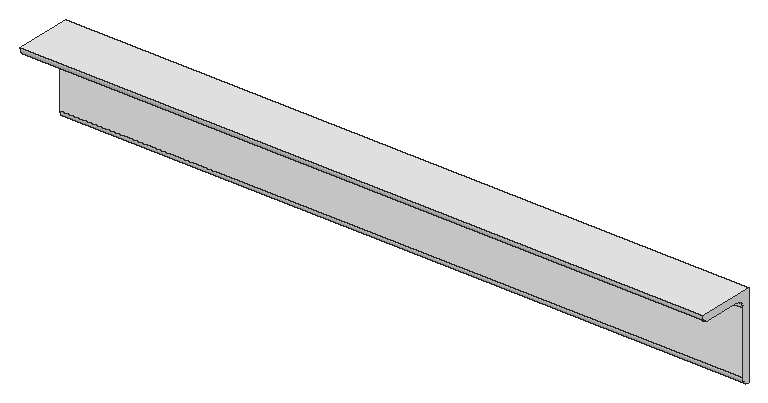
Revit family "M_L-Ângulo", category Quadro estrutural, Revit 2019
Family settings
  Arredondamento do comprimento do framing estrutural = 0 mm
  Forma do corte = Não definido
  Material para o comportamento do modelo = Aço
  Exportar sempre como geometria = Não
  Número OmniClass = 23.25.30.11.14.14
  Título OmniClass = Beams
  ID de item do Seek = L-Angle-0000-CAN-ENU
  Sempre na vertical = Sim
  Corte com vazios quando carregada = Não
  Representação simbólica = Das configurações de projeto
  Compartilhado = Não
  Exibir o pré-corte da família na vista da planta = Sim
Parameters (values of type "L152X102X12.7")
  k = 25 mm
  W = 0
  Structural Material [instance] = Aço, 45-345
  Length [instance] = 1524 mm
  b = 102 mm
  d = 152 mm
  t = 13 mm
  x = 25 mm
  y = 51 mm
  A = 0.09 m²
Reference planes
  plane 1 "Centro (Frente/Trás)": y = 0
  plane 2: z = 0
  plane 3 "Centro (Esquerda/Direita)": x = 4.61
  plane 4 "Membro esquerdo": x = -604.99
  plane 5 "Membro direito": x = 614.21
  plane 6: y = 25
  plane 7: y = -77
  plane 8 "Superior": z = 51
  plane 9: z = -101
  plane 10 "Esquerda": x = -757.39
  plane 11 "Direita": x = 766.61
Forms (mm)
  Sweep 1, solid, material "Aço, 45-345" <- "Structural Material", detail levels medium
    path origin (0, 0, 0) x (1, 0, 0) y (0, 1, 0)
      loop
        line (614.21, 0) -> (-604.99, 0)
    profile "M_L-Ângulo-Perfil-Médio : M_L-Ângulo-Perfil-Médio" origin (4.61, 0, 0) x (0, -1, 0) y (0, 0, 1)
      loop
        line (-25, -101) -> (-12, -101) -> (-12, 38) -> (77, 38) -> (77, 51) -> (-25, 51) -> (-25, -101)
  Sweep 2, solid, material "Aço, 45-345" <- "Structural Material", detail levels fine
    path origin (0, 0, 0) x (1, 0, 0) y (0, 1, 0)
      loop
        line (614.21, 0) -> (-604.99, 0)
    profile "M_L-Ângulo-Perfil-Alto : M_L-Ângulo-Perfil-Alto" origin (4.61, 0, 0) x (0, -1, 0) y (0, 0, 1)
      loop
        arc (-25, -101) -> (-15.808, -97.192) -> (-12, -88) r 13
        line (-12, -88) -> (-12, 25)
        arc (-12, 25) -> (-8.192, 34.192) -> (1, 38) r 13
        line (1, 38) -> (64, 38)
        arc (64, 38) -> (73.192, 41.808) -> (77, 51) r 13
        line (77, 51) -> (-25, 51) -> (-25, -101)
Lines and regions (mm)
  symbolic lines, style "Faces ocultas", detail levels medium+fine
    curve 1: line (-604.99, 0, 38) -> (614.21, 0, 38)
    curve 2: line (-604.99, 12, 0) -> (614.21, 12, 0)
  symbolic lines, style "Símbolos de vara", detail levels coarse
    curve 3: line (4.61, 25, 51) -> (4.61, -77, 51)
    curve 4: line (4.61, 25, -101) -> (4.61, 25, 51)
Dimensions and locks
  "b": plane 6 to plane 7
  "d": plane 9 to plane 8 "Superior"
  "x": plane 6 to plane 1 "Centro (Frente/Trás)"
  "y": plane 8 "Superior" to plane 2
  "Length": plane 10 "Esquerda" to plane 11 "Direita"
  "t": plane 6 to curve 2
  aligned and locked: Sweep 1 sketch curve to plane 1 "Centro (Frente/Trás)"
  aligned and locked: Sweep 2 sketch curve to plane 1 "Centro (Frente/Trás)"
  aligned and locked: Sweep 1 to curve 3
  aligned and locked: curve 4 to Sweep 1
  aligned and locked: curve 3 to Sweep 2
  aligned and locked: curve 4 to Sweep 2
  aligned and locked: plane 4 "Membro esquerdo" to Sweep 1 sketch curve
  aligned and locked: plane 5 "Membro direito" to Sweep 1 sketch curve
  aligned and locked: plane 4 "Membro esquerdo" to Sweep 2 sketch curve
  aligned and locked: plane 5 "Membro direito" to Sweep 2 sketch curve
  aligned and locked: plane 4 "Membro esquerdo" to curve 2
  aligned and locked: plane 5 "Membro direito" to curve 2
  aligned and locked: plane 4 "Membro esquerdo" to curve 1
  aligned and locked: plane 5 "Membro direito" to curve 1
Automatic sketch dimensions
  plane 8 "Superior" to curve 1 = 13 mm
Types in the file's own list only (124): name | k | W | b | d | t | x | y | A
  L203X203X28.6 | 45 mm | 0.835 | 203 mm | 203 mm | 29 mm | 61 mm | 61 mm | 0.01 m²
  L203X203X25.4 | 41 mm | 0.749 | 203 mm | 203 mm | 25 mm | 60 mm | 60 mm | 0.01 m²
  L203X203X22.2 | 38 mm | 0.661 | 203 mm | 203 mm | 22 mm | 59 mm | 59 mm | 0.01 m²
  L203X203X19 | 35 mm | 0.572 | 203 mm | 203 mm | 19 mm | 58 mm | 58 mm | 0.01 m²
  L203X203X15.9 | 32 mm | 0.481 | 203 mm | 203 mm | 16 mm | 56 mm | 56 mm | 0.01 m²
  L203X203X14.3 | 30 mm | 0.435 | 203 mm | 203 mm | 14 mm | 56 mm | 56 mm | 0.01 m²
  L203X203X12.7 | 29 mm | 0.389 | 203 mm | 203 mm | 13 mm | 55 mm | 55 mm | 0.01 m²
  L203X152X25.4 | 38 mm | 0.648 | 152 mm | 203 mm | 25 mm | 42 mm | 67 mm | 0.01 m²
  L203X152X22.2 | 35 mm | 0.573 | 152 mm | 203 mm | 22 mm | 41 mm | 66 mm | 0.01 m²
  L203X152X19 | 32 mm | 0.496 | 152 mm | 203 mm | 19 mm | 40 mm | 65 mm | 0.01 m²
  L203X152X15.9 | 29 mm | 0.418 | 152 mm | 203 mm | 16 mm | 38 mm | 64 mm | 0.01 m²
  L203X152X14.3 | 27 mm | 0.378 | 152 mm | 203 mm | 14 mm | 38 mm | 63 mm | 0.00 m²
  L203X152X12.7 | 25 mm | 0.338 | 152 mm | 203 mm | 13 mm | 37 mm | 62 mm | 0.00 m²
  L203X152X11.1 | 24 mm | 0.297 | 152 mm | 203 mm | 11 mm | 37 mm | 62 mm | 0.00 m²
  L203X102X25.4 | 38 mm | 0.549 | 102 mm | 203 mm | 25 mm | 27 mm | 77 mm | 0.01 m²
  L203X102X22.2 | 35 mm | 0.486 | 102 mm | 203 mm | 22 mm | 25 mm | 76 mm | 0.01 m²
  L203X102X19 | 32 mm | 0.422 | 102 mm | 203 mm | 19 mm | 24 mm | 75 mm | 0.01 m²
  L203X102X15.9 | 29 mm | 0.356 | 102 mm | 203 mm | 16 mm | 23 mm | 73 mm | 0.00 m²
  L203X102X14.3 | 27 mm | 0.322 | 102 mm | 203 mm | 14 mm | 22 mm | 73 mm | 0.00 m²
  L203X102X12.7 | 25 mm | 0.288 | 102 mm | 203 mm | 13 mm | 22 mm | 72 mm | 0.00 m²
  L203X102X11.1 | 24 mm | 0.254 | 102 mm | 203 mm | 11 mm | 21 mm | 71 mm | 0.00 m²
  L178X102X19 | 32 mm | 0.382 | 102 mm | 178 mm | 19 mm | 26 mm | 64 mm | 0.00 m²
  L178X102X15.9 | 29 mm | 0.323 | 102 mm | 178 mm | 16 mm | 24 mm | 62 mm | 0.00 m²
  L178X102X12.7 | 25 mm | 0.261 | 102 mm | 178 mm | 13 mm | 23 mm | 61 mm | 0.00 m²
  L178X102X11.1 | 24 mm | 0.23 | 102 mm | 178 mm | 11 mm | 23 mm | 60 mm | 0.00 m²
  L178X102X9.5 | 22 mm | 0.199 | 102 mm | 178 mm | 10 mm | 22 mm | 60 mm | 0.00 m²
  L152X152X25.4 | 38 mm | 0.547 | 152 mm | 152 mm | 25 mm | 47 mm | 47 mm | 0.01 m²
  L152X152X22.2 | 35 mm | 0.484 | 152 mm | 152 mm | 22 mm | 46 mm | 46 mm | 0.01 m²
  L152X152X19 | 32 mm | 0.42 | 152 mm | 152 mm | 19 mm | 45 mm | 45 mm | 0.01 m²
  L152X152X15.9 | 29 mm | 0.354 | 152 mm | 152 mm | 16 mm | 44 mm | 44 mm | 0.00 m²
  L152X152X14.3 | 27 mm | 0.32 | 152 mm | 152 mm | 14 mm | 43 mm | 43 mm | 0.00 m²
  L152X152X12.7 | 25 mm | 0.287 | 152 mm | 152 mm | 13 mm | 43 mm | 43 mm | 0.00 m²
  L152X152X11.1 | 24 mm | 0.252 | 152 mm | 152 mm | 11 mm | 42 mm | 42 mm | 0.00 m²
  L152X152X9.5 | 22 mm | 0.217 | 152 mm | 152 mm | 10 mm | 41 mm | 41 mm | 0.00 m²
  L152X152X7.9 | 21 mm | 0.182 | 152 mm | 152 mm | 8 mm | 41 mm | 41 mm | 0.00 m²
  L152X102X22.2 | 35 mm | 0.396 | 102 mm | 152 mm | 22 mm | 28 mm | 54 mm | 0.01 m²
  L152X102X19 | 32 mm | 0.344 | 102 mm | 152 mm | 19 mm | 27 mm | 53 mm | 0.00 m²
  L152X102X15.9 | 29 mm | 0.291 | 102 mm | 152 mm | 16 mm | 26 mm | 51 mm | 0.00 m²
  L152X102X14.3 | 27 mm | 0.264 | 102 mm | 152 mm | 14 mm | 26 mm | 51 mm | 0.00 m²
  L152X102X11.1 | 24 mm | 0.208 | 102 mm | 152 mm | 11 mm | 24 mm | 50 mm | 0.00 m²
  L152X102X9.5 | 22 mm | 0.179 | 102 mm | 152 mm | 10 mm | 24 mm | 49 mm | 0.00 m²
  L152X102X7.9 | 21 mm | 0.15 | 102 mm | 152 mm | 8 mm | 23 mm | 48 mm | 0.00 m²
  L152X89X12.7 | 25 mm | 0.224 | 89 mm | 152 mm | 13 mm | 21 mm | 53 mm | 0.00 m²
  L152X89X9.5 | 22 mm | 0.171 | 89 mm | 152 mm | 10 mm | 20 mm | 51 mm | 0.00 m²
  L152X89X7.9 | 21 mm | 0.143 | 89 mm | 152 mm | 8 mm | 19 mm | 51 mm | 0.00 m²
  L127X127X22.2 | 35 mm | 0.398 | 127 mm | 127 mm | 22 mm | 40 mm | 40 mm | 0.01 m²
  L127X127X19 | 32 mm | 0.346 | 127 mm | 127 mm | 19 mm | 39 mm | 39 mm | 0.00 m²
  L127X127X15.9 | 29 mm | 0.293 | 127 mm | 127 mm | 16 mm | 37 mm | 37 mm | 0.00 m²
  L127X127X12.7 | 25 mm | 0.238 | 127 mm | 127 mm | 13 mm | 36 mm | 36 mm | 0.00 m²
  L127X127X11.1 | 24 mm | 0.21 | 127 mm | 127 mm | 11 mm | 36 mm | 36 mm | 0.00 m²
  L127X127X9.5 | 22 mm | 0.181 | 127 mm | 127 mm | 10 mm | 35 mm | 35 mm | 0.00 m²
  L127X127X7.9 | 21 mm | 0.152 | 127 mm | 127 mm | 8 mm | 34 mm | 34 mm | 0.00 m²
  L127X89X19 | 30 mm | 0.289 | 89 mm | 127 mm | 19 mm | 25 mm | 44 mm | 0.00 m²
  L127X89X15.9 | 27 mm | 0.245 | 89 mm | 127 mm | 16 mm | 24 mm | 43 mm | 0.00 m²
  L127X89X12.7 | 24 mm | 0.199 | 89 mm | 127 mm | 13 mm | 23 mm | 42 mm | 0.00 m²
  L127X89X9.5 | 21 mm | 0.151 | 89 mm | 127 mm | 10 mm | 22 mm | 41 mm | 0.00 m²
  L127X89X7.9 | 19 mm | 0.127 | 89 mm | 127 mm | 8 mm | 21 mm | 40 mm | 0.00 m²
  L127X89X6.4 | 17 mm | 0.103 | 89 mm | 127 mm | 6 mm | 20 mm | 39 mm | 0.00 m²
  L127X76X12.7 | 24 mm | 0.186 | 76 mm | 127 mm | 13 mm | 19 mm | 44 mm | 0.00 m²
  L127X76X11.1 | 22 mm | 0.164 | 76 mm | 127 mm | 11 mm | 18 mm | 44 mm | 0.00 m²
  L127X76X9.5 | 21 mm | 0.142 | 76 mm | 127 mm | 10 mm | 18 mm | 43 mm | 0.00 m²
  L127X76X7.9 | 19 mm | 0.119 | 76 mm | 127 mm | 8 mm | 17 mm | 42 mm | 0.00 m²
  L127X76X6.4 | 17 mm | 0.096 | 76 mm | 127 mm | 6 mm | 17 mm | 42 mm | 0.00 m²
  L102X102X19 | 29 mm | 0.27 | 102 mm | 102 mm | 19 mm | 32 mm | 32 mm | 0.00 m²
  L102X102X15.9 | 25 mm | 0.229 | 102 mm | 102 mm | 16 mm | 31 mm | 31 mm | 0.00 m²
  L102X102X12.7 | 22 mm | 0.186 | 102 mm | 102 mm | 13 mm | 30 mm | 30 mm | 0.00 m²
  L102X102X11.1 | 21 mm | 0.164 | 102 mm | 102 mm | 11 mm | 29 mm | 29 mm | 0.00 m²
  L102X102X9.5 | 19 mm | 0.142 | 102 mm | 102 mm | 10 mm | 29 mm | 29 mm | 0.00 m²
  L102X102X7.9 | 17 mm | 0.119 | 102 mm | 102 mm | 8 mm | 28 mm | 28 mm | 0.00 m²
  L102X102X6.4 | 16 mm | 0.096 | 102 mm | 102 mm | 6 mm | 27 mm | 27 mm | 0.00 m²
  L102X89X12.7 | 23 mm | 0.174 | 89 mm | 102 mm | 13 mm | 25 mm | 32 mm | 0.00 m²
  L102X89X9.5 | 19 mm | 0.133 | 89 mm | 102 mm | 10 mm | 24 mm | 30 mm | 0.00 m²
  L102X89X7.9 | 18 mm | 0.112 | 89 mm | 102 mm | 8 mm | 23 mm | 30 mm | 0.00 m²
  L102X89X6.4 | 16 mm | 0.09 | 89 mm | 102 mm | 6 mm | 23 mm | 29 mm | 0.00 m²
  L102X76X15.9 | 26 mm | 0.198 | 76 mm | 102 mm | 16 mm | 22 mm | 35 mm | 0.00 m²
  L102X76X12.7 | 23 mm | 0.162 | 76 mm | 102 mm | 13 mm | 21 mm | 34 mm | 0.00 m²
  L102X76X9.5 | 19 mm | 0.124 | 76 mm | 102 mm | 10 mm | 20 mm | 32 mm | 0.00 m²
  L102X76X7.9 | 18 mm | 0.104 | 76 mm | 102 mm | 8 mm | 19 mm | 32 mm | 0.00 m²
  L102X76X6.4 | 16 mm | 0.084 | 76 mm | 102 mm | 6 mm | 18 mm | 31 mm | 0.00 m²
  L89X89X12.7 | 22 mm | 0.162 | 89 mm | 89 mm | 13 mm | 27 mm | 27 mm | 0.00 m²
  L89X89X11.1 | 21 mm | 0.143 | 89 mm | 89 mm | 11 mm | 26 mm | 26 mm | 0.00 m²
  L89X89X9.5 | 19 mm | 0.124 | 89 mm | 89 mm | 10 mm | 26 mm | 26 mm | 0.00 m²
  L89X89X7.9 | 17 mm | 0.105 | 89 mm | 89 mm | 8 mm | 25 mm | 25 mm | 0.00 m²
  L89X89X6.4 | 16 mm | 0.085 | 89 mm | 89 mm | 6 mm | 24 mm | 24 mm | 0.00 m²
  L89X76X12.7 | 22 mm | 0.15 | 76 mm | 89 mm | 13 mm | 22 mm | 28 mm | 0.00 m²
  L89X76X11.1 | 21 mm | 0.133 | 76 mm | 89 mm | 11 mm | 22 mm | 28 mm | 0.00 m²
  L89X76X9.5 | 19 mm | 0.115 | 76 mm | 89 mm | 10 mm | 21 mm | 27 mm | 0.00 m²
  L89X76X7.9 | 17 mm | 0.097 | 76 mm | 89 mm | 8 mm | 20 mm | 27 mm | 0.00 m²
  L89X76X6.4 | 16 mm | 0.079 | 76 mm | 89 mm | 6 mm | 20 mm | 26 mm | 0.00 m²
  L89X64X12.7 | 22 mm | 0.137 | 64 mm | 89 mm | 13 mm | 18 mm | 30 mm | 0.00 m²
  L89X64X9.5 | 19 mm | 0.105 | 64 mm | 89 mm | 10 mm | 17 mm | 29 mm | 0.00 m²
  L89X64X7.9 | 17 mm | 0.089 | 64 mm | 89 mm | 8 mm | 16 mm | 29 mm | 0.00 m²
  L89X64X6.4 | 16 mm | 0.072 | 64 mm | 89 mm | 6 mm | 15 mm | 28 mm | 0.00 m²
  L76X76X12.7 | 22 mm | 0.136 | 76 mm | 76 mm | 13 mm | 24 mm | 24 mm | 0.00 m²
  L76X76X11.1 | 21 mm | 0.121 | 76 mm | 76 mm | 11 mm | 23 mm | 23 mm | 0.00 m²
  L76X76X9.5 | 19 mm | 0.105 | 76 mm | 76 mm | 10 mm | 22 mm | 22 mm | 0.00 m²
  L76X76X7.9 | 17 mm | 0.088 | 76 mm | 76 mm | 8 mm | 22 mm | 22 mm | 0.00 m²
  L76X76X6.4 | 16 mm | 0.071 | 76 mm | 76 mm | 6 mm | 21 mm | 21 mm | 0.00 m²
  L76X76X4.8 | 14 mm | 0.054 | 76 mm | 76 mm | 5 mm | 21 mm | 21 mm | 0.00 m²
  L76X64X12.7 | 22 mm | 0.124 | 64 mm | 76 mm | 13 mm | 19 mm | 25 mm | 0.00 m²
  L76X64X11.1 | 21 mm | 0.11 | 64 mm | 76 mm | 11 mm | 18 mm | 25 mm | 0.00 m²
  L76X64X9.5 | 19 mm | 0.096 | 64 mm | 76 mm | 10 mm | 18 mm | 24 mm | 0.00 m²
  L76X64X7.9 | 17 mm | 0.081 | 64 mm | 76 mm | 8 mm | 17 mm | 24 mm | 0.00 m²
  L76X64X6.4 | 16 mm | 0.066 | 64 mm | 76 mm | 6 mm | 17 mm | 23 mm | 0.00 m²
  L76X64X4.8 | 14 mm | 0.05 | 64 mm | 76 mm | 5 mm | 16 mm | 22 mm | 0.00 m²
  L76X51X12.7 | 21 mm | 0.112 | 51 mm | 76 mm | 13 mm | 15 mm | 27 mm | 0.00 m²
  L76X51X9.5 | 17 mm | 0.087 | 51 mm | 76 mm | 10 mm | 14 mm | 26 mm | 0.00 m²
  L76X51X7.9 | 16 mm | 0.073 | 51 mm | 76 mm | 8 mm | 13 mm | 26 mm | 0.00 m²
  L76X51X6.4 | 14 mm | 0.06 | 51 mm | 76 mm | 6 mm | 12 mm | 25 mm | 0.00 m²
  L76X51X4.8 | 13 mm | 0.046 | 51 mm | 76 mm | 5 mm | 12 mm | 24 mm | 0.00 m²
  L64X64X12.7 | 19 mm | 0.112 | 64 mm | 64 mm | 13 mm | 20 mm | 20 mm | 0.00 m²
  L64X64X9.5 | 16 mm | 0.086 | 64 mm | 64 mm | 10 mm | 19 mm | 19 mm | 0.00 m²
  L64X64X7.9 | 14 mm | 0.073 | 64 mm | 64 mm | 8 mm | 19 mm | 19 mm | 0.00 m²
  L64X64X6.4 | 13 mm | 0.059 | 64 mm | 64 mm | 6 mm | 18 mm | 18 mm | 0.00 m²
  L64X64X4.8 | 11 mm | 0.045 | 64 mm | 64 mm | 5 mm | 17 mm | 17 mm | 0.00 m²
  L64X51X9.5 | 16 mm | 0.077 | 51 mm | 64 mm | 10 mm | 15 mm | 21 mm | 0.00 m²
  L64X51X7.9 | 14 mm | 0.066 | 51 mm | 64 mm | 8 mm | 14 mm | 20 mm | 0.00 m²
  L64X51X6.4 | 13 mm | 0.053 | 51 mm | 64 mm | 6 mm | 14 mm | 20 mm | 0.00 m²
  L64X51X4.8 | 11 mm | 0.041 | 51 mm | 64 mm | 5 mm | 13 mm | 19 mm | 0.00 m²
  L51X51X9.5 | 16 mm | 0.068 | 51 mm | 51 mm | 10 mm | 16 mm | 16 mm | 0.00 m²
  L51X51X7.9 | 14 mm | 0.058 | 51 mm | 51 mm | 8 mm | 16 mm | 16 mm | 0.00 m²
  L51X51X6.4 | 13 mm | 0.047 | 51 mm | 51 mm | 6 mm | 15 mm | 15 mm | 0.00 m²
  L51X51X4.8 | 11 mm | 0.036 | 51 mm | 51 mm | 5 mm | 14 mm | 14 mm | 0.00 m²
  L51X51X3.2 | 10 mm | 0.024 | 51 mm | 51 mm | 3 mm | 14 mm | 14 mm | 0.00 m²
